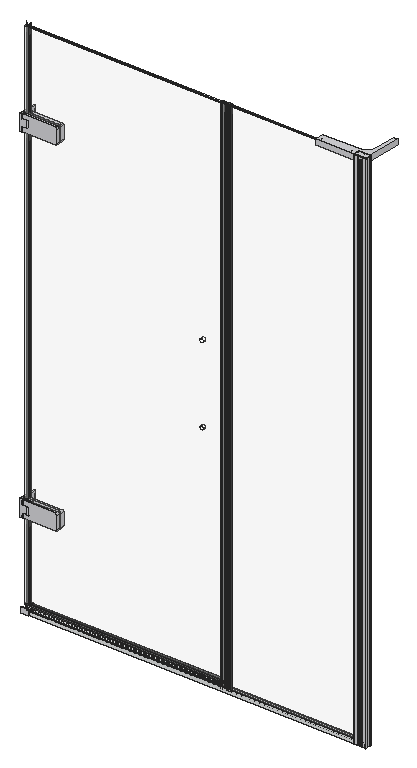
Revit family "Shower-Shower_Door-KOHLER-Composed-K-27715.rfa_", category Specialty Equipment, host Face, Revit 2021
Family settings
  Host = Face
  Round Connector Dimension = Use Diameter
  Part Type = Normal
  OmniClass Number = 23.31.17.17
  OmniClass Title = Shower Enclosures
  Cut with Voids When Loaded = No
  Shared = No
  Room Calculation Point = No
Parameters (values of type "SHP-Bright Polished Silver")
  Width = 46 121/128"  # constant formula
  WaterSense Certified = 1 = 0  # no
  URL = "https://www.us.kohler.com/us/"
  Type = 1
  Secondary Finish = Kohler-Metal-CP-Polished_Chrome
  Product Page URL = "http://www.us.kohler.com/us/catalog/productDetails.jsp?productNumber=27715-10L"
  Product Name = "Composed"  # constant formula
  Product Documentation Link = "https://www.us.kohler.com/webassets/kpna/catalog/pdf/en/K-27715-10L_spec_US-CA_Kohler_en.pdf"
  Model = if(Type = 1, "K-27715-10L-SHP", if(Type = 2, "K-27715-10L-BNK", if(Type = 3, "K-27715-10L-BL", "NA")))  # "K-27715-10L-SHP"
  Material = "Premium Metal Construction"  # constant formula
  Master Format 2014 Name = "Shower Doors"  # constant formula
  Master Format 2014 = "10 28 19.16"  # constant formula
  Manufacturer Address = "444 Highland Dr, Kohler, WI 53044"  # constant formula
  Manufacturer = "Kohler Co."  # constant formula
  Length = 5 123/256"  # constant formula
  Height = 71 189/256"  # constant formula
  Finish = Kohler-Metal-SHP-Bright_Polished_Silver
  Environmental Product Declaration = ""
  Description = "3/8 Inch Pivot Glass And Hardware,No Handle"  # constant formula
  Default Elevation = 4"
  Declare Label = ""
  Date Modified = "06/29/2023"  # constant formula
  Date Created = "06/29/2023"  # constant formula
  Copyright = "Copyright Kohler Co."  # constant formula
  Contact Us = "https://www.us.kohler.com/us/static/contact.jsp"
  Assembly Code = "C1030200"
  ADA Compliant = 1 = 0  # no
Reference planes (in)
  plane 1 "Center (Front/Back)": y = 0
  plane 2: z = 0
  plane 3 "Center (Left/Right)": x = 0
  plane 4: x = -46.94531
  plane 5: y = 1.81244
  plane 6: y = 5.01989
  plane 7: y = -0.46058
  plane 8: z = 71.73828
  plane 9: z = 71.51678
  plane 10: x = -6.7126
  plane 11: x = -19.13045
  plane 12: x = -22.37999
  plane 13: x = -41.8027
  plane 14: z = 59.7661
  plane 15: z = 12.9482
  plane 16: z = 30.96807
  plane 17: z = 41.59155
  plane 18: y = 0.16163
  plane 19: y = -0.21437
  plane 20: x = -19.56102
  plane 21: x = -18.73425
  plane 22: x = -46.37302
  plane 23: x = -0.98425
  plane 24: y = 0.19551
  plane 25: y = -0.18499
Dimensions and locks (in)
  "Width": plane 4 to plane 3 "Center (Left/Right)"
  "Length": plane 7 to plane 6
  "Height": plane 8 to level
  plane 13 to plane 4 = 5.14262"
  plane 17 to plane 16 = 10.62348"
  plane 15 to level = 12.9482"
  plane 14 to plane 16 = 28.79803"
  plane 7 to plane 5 = 2.27302"
  plane 22 to plane 20 = 26.812"
  plane 21 to plane 23 = 17 3/4"
  aligned and locked: plane 2 to host face
  aligned and locked: level to host face
  aligned and locked: plane 3 "Center (Left/Right)" to nested 1
  aligned and locked: plane 1 "Center (Front/Back)" to nested 1
Automatic sketch dimensions
  host sketch curve to host sketch curve = 96"  (x2)
Nested families (in)
  nested 1: "K-27715" at (0, 0, 0), type "K-27715"
Definition of nested family "K-27715"
  Parameters (values of type "K-27715")
    Secondary Finish = none
    Material = none
    Default Elevation = 0"
  Reference planes (in)
    plane 1 "Center (Front/Back)": y = 0
    plane 2: z = 0
    plane 3 "Center (Left/Right)": x = 0
    plane 4: y = 5.02155
    plane 5: y = -0.46058
    plane 6: y = 1.81244
    plane 7: x = -46.94512
    plane 8: z = 71.51678
    plane 9: z = 71.73874
    plane 10: x = -6.7126
    plane 11: x = -41.8025
    plane 12: x = -46.36926
    plane 13: x = -19.13045
    plane 14: z = 41.59155
    plane 15: z = 30.96807
    plane 16: x = -22.37999
    plane 17: z = 59.7661
    plane 18: z = 12.9482
    plane 19: x = -0.98425
  Forms (in)
    Extrusion 1, solid, detail levels medium+fine
      sketch origin (0, 0, 0) x (1, 0, 0) y (0, 1, 0)
        loop
          line (-46.43795, 0.28015) -> (-46.9022, 0.7444)
          arc (-46.9022, 0.7444) -> (-46.93756, 0.7444) -> (-46.93756, 0.70904) r 0.025
          line (-46.93756, 0.70904) -> (-46.43478, 0.20627)
          arc (-46.43478, 0.20627) -> (-46.42608, 0.19324) -> (-46.42302, 0.17788) r 0.04015
          line (-46.42302, 0.17788) -> (-46.42302, -0.25448)
          arc (-46.42302, -0.25448) -> (-46.41655, -0.26836) -> (-46.40175, -0.27233) r 0.01813
          line (-46.40175, -0.27233) -> (-45.9116, -0.1859)
          arc (-45.9116, -0.1859) -> (-45.89132, -0.15694) -> (-45.92028, -0.13666) r 0.025
          line (-45.92028, -0.13666) -> (-46.35095, -0.2126)
          arc (-46.35095, -0.2126) -> (-46.3663, -0.20848) -> (-46.37302, -0.19408) r 0.01881
          line (-46.37302, -0.19408) -> (-46.37302, 0.19293)
          arc (-46.37302, 0.19293) -> (-46.36641, 0.20889) -> (-46.35045, 0.21551) r 0.02258
          line (-46.35045, 0.21551) -> (-46.14538, 0.21551)
          arc (-46.14538, 0.21551) -> (-46.12206, 0.21803) -> (-46.09981, 0.22546) r 0.10928
          arc (-46.09981, 0.22546) -> (-46.06409, 0.23319) -> (-46.02842, 0.22518) r 0.08487
          arc (-46.02842, 0.22518) -> (-46.00724, 0.21795) -> (-45.985, 0.21551) r 0.10235
          line (-45.985, 0.21551) -> (-45.92002, 0.21551)
          arc (-45.92002, 0.21551) -> (-45.89968, 0.19488) -> (-45.87933, 0.21551) r 0.02035
          arc (-45.87933, 0.21551) -> (-45.89442, 0.2509) -> (-45.93002, 0.26551) r 0.0507
          line (-45.93002, 0.26551) -> (-45.98376, 0.26551)
          arc (-45.98376, 0.26551) -> (-46.0033, 0.26885) -> (-46.02061, 0.27851) r 0.05871
          arc (-46.02061, 0.27851) -> (-46.14517, 0.43999) -> (-46.18301, 0.64038) r 0.43754
          arc (-46.18301, 0.64038) -> (-46.2067, 0.6666) -> (-46.23303, 0.64302) r 0.02504
          arc (-46.23303, 0.64302) -> (-46.20597, 0.45593) -> (-46.10796, 0.29427) r 0.47416
          arc (-46.10796, 0.29427) -> (-46.10485, 0.27577) -> (-46.12055, 0.26551) r 0.01714
          line (-46.12055, 0.26551) -> (-46.40261, 0.26551)
          arc (-46.40261, 0.26551) -> (-46.42174, 0.26931) -> (-46.43795, 0.28015) r 0.04998
      from 1.19752 to 71.51678
    Extrusion 2, solid, material <- "Secondary Finish", detail levels medium+fine
      sketch origin (0, 0, 0) x (1, 0, 0) y (0, 1, 0)
        loop
          line (-0.60941, 0.31909) -> (-0.15774, 0.31909)
          arc (-0.15774, 0.31909) -> (-0.12972, 0.30749) -> (-0.11811, 0.27947) r 0.03963
          line (-0.11811, 0.27947) -> (-0.11811, -0.25622)
          arc (-0.11811, -0.25622) -> (-0.12949, -0.2837) -> (-0.15697, -0.29508) r 0.03886
          line (-0.15697, -0.29508) -> (-0.61006, -0.29508)
          arc (-0.61006, -0.29508) -> (-0.6241, -0.28926) -> (-0.62992, -0.27521) r 0.01986
          line (-0.62992, -0.27521) -> (-0.62992, -0.23765)
          arc (-0.62992, -0.23765) -> (-0.65354, -0.21403) -> (-0.67717, -0.23765) r 0.02362
          line (-0.67717, -0.23765) -> (-0.67717, -0.27519)
          arc (-0.67717, -0.27519) -> (-0.68299, -0.28925) -> (-0.69705, -0.29508) r 0.01989
          line (-0.69705, -0.29508) -> (-0.9398, -0.29508)
          arc (-0.9398, -0.29508) -> (-0.95453, -0.28898) -> (-0.96063, -0.27425) r 0.02083
          line (-0.96063, -0.27425) -> (-0.96063, -0.23787)
          arc (-0.96063, -0.23787) -> (-0.98425, -0.21425) -> (-1.00787, -0.23787) r 0.02362
          line (-1.00787, -0.23787) -> (-1.00787, -0.27326)
          arc (-1.00787, -0.27326) -> (-1.01426, -0.28869) -> (-1.02969, -0.29508) r 0.02182
          line (-1.02969, -0.29508) -> (-1.10236, -0.29508)
          arc (-1.10236, -0.29508) -> (-1.16002, -0.2731) -> (-1.18842, -0.21831) r 0.08661
          line (-1.18842, -0.21831) -> (-1.4252, -0.21831) -> (-1.4252, -0.25768) -> (-1.48819, -0.25768) -> (-1.48819, -0.21831) -> (-1.55178, -0.21831)
          arc (-1.55178, -0.21831) -> (-1.56806, -0.22505) -> (-1.5748, -0.24133) r 0.02302
          line (-1.5748, -0.24133) -> (-1.5748, -0.36445)
          arc (-1.5748, -0.36445) -> (-1.56892, -0.37865) -> (-1.55473, -0.38453) r 0.02007
          line (-1.55473, -0.38453) -> (-0.02048, -0.38453)
          arc (-0.02048, -0.38453) -> (-0.006, -0.37853) -> (0, -0.36405) r 0.02048
          line (0, -0.36405) -> (0, -0.29311) -> (-0.03937, -0.29311) -> (-0.03937, 0.31713) -> (0, 0.31713) -> (0, 0.38668)
          arc (0, 0.38668) -> (-0.00601, 0.4012) -> (-0.02053, 0.40721) r 0.02053
          line (-0.02053, 0.40721) -> (-1.55126, 0.40721)
          arc (-1.55126, 0.40721) -> (-1.56791, 0.40032) -> (-1.5748, 0.38367) r 0.02354
          line (-1.5748, 0.38367) -> (-1.5748, 0.26206)
          arc (-1.5748, 0.26206) -> (-1.56902, 0.2481) -> (-1.55507, 0.24232) r 0.01973
          line (-1.55507, 0.24232) -> (-1.48819, 0.24232) -> (-1.48819, 0.28169) -> (-1.4252, 0.28169) -> (-1.4252, 0.24232) -> (-1.18842, 0.24232)
          arc (-1.18842, 0.24232) -> (-1.16002, 0.29711) -> (-1.10236, 0.31909) r 0.08661
          line (-1.10236, 0.31909) -> (-1.02856, 0.31909)
          arc (-1.02856, 0.31909) -> (-1.01393, 0.31304) -> (-1.00787, 0.29841) r 0.02068
          line (-1.00787, 0.29841) -> (-1.00787, 0.26191)
          arc (-1.00787, 0.26191) -> (-0.98425, 0.23829) -> (-0.96063, 0.26191) r 0.02362
          line (-0.96063, 0.26191) -> (-0.96063, 0.29953)
          arc (-0.96063, 0.29953) -> (-0.9549, 0.31336) -> (-0.94106, 0.31909) r 0.01956
          line (-0.94106, 0.31909) -> (-0.69789, 0.31909)
          arc (-0.69789, 0.31909) -> (-0.68323, 0.31303) -> (-0.67717, 0.29837) r 0.02072
          line (-0.67717, 0.29837) -> (-0.67717, 0.2611)
          arc (-0.67717, 0.2611) -> (-0.65354, 0.23748) -> (-0.62992, 0.2611) r 0.02362
          line (-0.62992, 0.2611) -> (-0.62992, 0.29858)
          arc (-0.62992, 0.29858) -> (-0.62391, 0.31309) -> (-0.60941, 0.31909) r 0.02051
      from 0 to 71.66
    Extrusion 3, solid, detail levels medium+fine
      sketch origin (0, 0, 0) x (1, 0, 0) y (0, 1, 0)
        loop
          line (-19.04668, -0.11098) -> (-19.3756, 0.21794)
          arc (-19.3756, 0.21794) -> (-19.43305, 0.25567) -> (-19.50076, 0.26746) r 0.16934
          arc (-19.50076, 0.26746) -> (-19.61929, 0.2601) -> (-19.73716, 0.24567) r 1.98367
          arc (-19.73716, 0.24567) -> (-19.75604, 0.24154) -> (-19.77424, 0.23505) r 0.15218
          arc (-19.77424, 0.23505) -> (-19.79401, 0.21601) -> (-19.79628, 0.18864) r 0.0389
          line (-19.79628, 0.18864) -> (-19.71734, 0.19634) -> (-19.71734, 0.23198) -> (-19.59282, 0.24411)
          arc (-19.59282, 0.24411) -> (-19.57053, 0.23673) -> (-19.56102, 0.21527) r 0.02898
          line (-19.56102, 0.21527) -> (-19.56102, -0.18081)
          arc (-19.56102, -0.18081) -> (-19.56797, -0.19759) -> (-19.58476, -0.20454) r 0.02373
          line (-19.58476, -0.20454) -> (-19.71734, -0.20454) -> (-19.71734, -0.17232) -> (-19.79628, -0.16463)
          arc (-19.79628, -0.16463) -> (-19.7777, -0.20269) -> (-19.74, -0.22197) r 0.06691
          arc (-19.74, -0.22197) -> (-19.41234, -0.24737) -> (-19.08448, -0.22457) r 2.24095
          arc (-19.08448, -0.22457) -> (-19.0305, -0.17945) -> (-19.04668, -0.11098) r 0.06694
        loop
          line (-19.39092, 0.0718) -> (-19.14594, -0.17318) -> (-19.07356, -0.1008) -> (-19.31854, 0.14418) -> (-19.39092, 0.0718)
        loop
          arc (-19.13271, -0.17584) -> (-19.14675, -0.18165) -> (-19.16079, -0.17584) r 0.01986
          line (-19.16079, -0.17584) -> (-19.39432, 0.05769)
          arc (-19.39432, 0.05769) -> (-19.40017, 0.07181) -> (-19.39432, 0.08592) r 0.01996
          line (-19.39432, 0.08592) -> (-19.35654, 0.1237)
          arc (-19.35654, 0.1237) -> (-19.35095, 0.13789) -> (-19.35751, 0.15165) r 0.01912
          line (-19.35751, 0.15165) -> (-19.43824, 0.22182)
          arc (-19.43824, 0.22182) -> (-19.49217, 0.22964) -> (-19.52165, 0.18381) r 0.05037
          line (-19.52165, 0.18381) -> (-19.52165, -0.19108)
          arc (-19.52165, -0.19108) -> (-19.51602, -0.20539) -> (-19.50213, -0.21201) r 0.02097
          arc (-19.50213, -0.21201) -> (-19.35266, -0.21707) -> (-19.20321, -0.21157) r 2.11662
          arc (-19.20321, -0.21157) -> (-19.14863, -0.20691) -> (-19.09419, -0.20085) r 2.11662
          arc (-19.09419, -0.20085) -> (-19.05966, -0.17662) -> (-19.06034, -0.13444) r 0.04501
          arc (-19.06034, -0.13444) -> (-19.07294, -0.12575) -> (-19.08747, -0.1306) r 0.01714
          line (-19.08747, -0.1306) -> (-19.13271, -0.17584)
        loop
          line (-19.24548, 0.14271) -> (-18.92234, -0.1919)
          arc (-18.92234, -0.1919) -> (-18.86556, -0.23062) -> (-18.79806, -0.24359) r 0.16934
          arc (-18.79806, -0.24359) -> (-18.67943, -0.2383) -> (-18.56132, -0.22593) r 1.98367
          arc (-18.56132, -0.22593) -> (-18.54238, -0.22213) -> (-18.52407, -0.21597) r 0.15218
          arc (-18.52407, -0.21597) -> (-18.50396, -0.19727) -> (-18.50122, -0.16995) r 0.0389
          line (-18.50122, -0.16995) -> (-18.58028, -0.17626) -> (-18.5809, -0.2119) -> (-18.70562, -0.22186)
          arc (-18.70562, -0.22186) -> (-18.72777, -0.21409) -> (-18.7369, -0.19246) r 0.02898
          line (-18.7369, -0.19246) -> (-18.72999, 0.20355)
          arc (-18.72999, 0.20355) -> (-18.72275, 0.22021) -> (-18.70585, 0.22687) r 0.02373
          line (-18.70585, 0.22687) -> (-18.57328, 0.22455) -> (-18.57385, 0.19234) -> (-18.49505, 0.18327)
          arc (-18.49505, 0.18327) -> (-18.51296, 0.22165) -> (-18.55032, 0.24158) r 0.06691
          arc (-18.55032, 0.24158) -> (-18.87749, 0.2727) -> (-19.20569, 0.25563) r 2.24095
          arc (-19.20569, 0.25563) -> (-19.26046, 0.21146) -> (-19.24548, 0.14271) r 0.06694
        loop
          line (-18.90447, -0.04605) -> (-19.14514, 0.20317) -> (-19.21878, 0.13206) -> (-18.97811, -0.11716) -> (-18.90447, -0.04605)
        loop
          arc (-19.15833, 0.20606) -> (-19.14419, 0.21163) -> (-19.13025, 0.20557) r 0.01986
          line (-19.13025, 0.20557) -> (-18.90083, -0.032)
          arc (-18.90083, -0.032) -> (-18.89523, -0.04621) -> (-18.90132, -0.06022) r 0.01996
          line (-18.90132, -0.06022) -> (-18.93976, -0.09734)
          arc (-18.93976, -0.09734) -> (-18.94559, -0.11143) -> (-18.93927, -0.1253) r 0.01912
          line (-18.93927, -0.1253) -> (-18.85978, -0.19687)
          arc (-18.85978, -0.19687) -> (-18.80599, -0.20563) -> (-18.77572, -0.16032) r 0.05037
          line (-18.77572, -0.16032) -> (-18.76918, 0.21452)
          arc (-18.76918, 0.21452) -> (-18.77456, 0.22892) -> (-18.78833, 0.23578) r 0.02097
          arc (-18.78833, 0.23578) -> (-18.93768, 0.24345) -> (-19.08721, 0.24055) r 2.11662
          arc (-19.08721, 0.24055) -> (-19.14186, 0.23685) -> (-19.1964, 0.23174) r 2.11662
          arc (-19.1964, 0.23174) -> (-19.23135, 0.20812) -> (-19.23141, 0.16594) r 0.04501
          arc (-19.23141, 0.16594) -> (-19.21896, 0.15702) -> (-19.20435, 0.16162) r 0.01714
          line (-19.20435, 0.16162) -> (-19.15833, 0.20606)
      from 0.20717 to 71.49717
    Extrusion 4, solid, detail levels medium+fine
      sketch origin (0, 0, 0) x (0, 1, 0) y (0, 0, 1)
        loop
          line (0.19551, 71.43717) -> (0.13551, 71.49717) -> (-0.12499, 71.49717) -> (-0.18499, 71.43717) -> (-0.18499, 1.11717) -> (-0.12499, 1.05717) -> (0.13551, 1.05717) -> (0.19551, 1.11717) -> (0.19551, 71.43717)
      from -46.37302 to -19.56102
    Extrusion 5, solid, detail levels medium+fine
      sketch origin (0, -0.03383, 0) x (0, 1, 0) y (0, 0, 1)
        loop
          line (0.19546, 0.23917) -> (0.19546, 71.43517) -> (0.13346, 71.49717) -> (-0.11854, 71.49717) -> (-0.18054, 71.43517) -> (-0.18054, 0.23917) -> (-0.11854, 0.17717) -> (0.13346, 0.17717) -> (0.19546, 0.23917)
      from -0.98425 to -18.73425
    Extrusion 6, void
      sketch origin (0, 0, 0) x (1, 0, 0) y (0, 0, 1)
        loop
          line (-45.74497, 60.84878) -> (-47.49026, 60.84878) -> (-47.49026, 58.63488) -> (-45.74497, 58.63488) -> (-45.74497, 60.84878)
        loop
          line (-45.74497, 14.03088) -> (-47.49026, 14.03088) -> (-47.49026, 11.70555) -> (-45.74497, 11.70555) -> (-45.74497, 14.03088)
      from -3.97543 to 2.31492
    Extrusion 7, solid, material <- "Secondary Finish", detail levels medium+fine
      sketch origin (0, 0, 0) x (1, 0, 0) y (0, 1, 0)
        loop
          line (-46.86515, -0.46058) -> (-45.99901, -0.46058)
          arc (-45.99901, -0.46058) -> (-45.83536, -0.41458) -> (-45.71966, -0.29003) r 0.31405
          arc (-45.71966, -0.29003) -> (-45.67258, -0.09641) -> (-45.71866, 0.09744) r 0.42614
          arc (-45.71866, 0.09744) -> (-45.98497, 0.31537) -> (-46.32545, 0.26551) r 0.42614
          arc (-46.32545, 0.26551) -> (-46.39696, 0.20597) -> (-46.45027, 0.1297) r 0.35018
          arc (-46.45027, 0.1297) -> (-46.58011, 0.07049) -> (-46.6683, 0.18268) r 0.11545
          line (-46.6683, 0.18268) -> (-46.6683, 0.41146)
          arc (-46.6683, 0.41146) -> (-46.60957, 0.55702) -> (-46.58956, 0.71271) r 0.61561
          line (-46.58956, 0.71271) -> (-46.58956, 1.7725)
          arc (-46.58956, 1.7725) -> (-46.60041, 1.79903) -> (-46.62675, 1.81035) r 0.03785
          line (-46.62675, 1.81035) -> (-46.86515, 1.81451) -> (-46.86515, -0.46058)
      from 58.68342 to 60.84878
    Extrusion 8, void
      sketch origin (0, 0, 0) x (1, 0, 0) y (0, 0, 1)
        loop
          line (-45.5287, 59.29366) -> (-46.5074, 59.29366)
          arc (-46.5074, 59.29366) -> (-46.53766, 59.28113) -> (-46.55019, 59.25087) r 0.04279
          line (-46.55019, 59.25087) -> (-46.55019, 58.68342) -> (-45.5287, 58.68342) -> (-45.5287, 59.29366)
      from -2.05913 to 1.0462
    Extrusion 9, solid, material <- "Secondary Finish", detail levels medium+fine
      sketch origin (0, 0, 0) x (1, 0, 0) y (0, 0, 1)
        loop
          arc (-41.99643, 58.68342) -> (-41.85724, 58.74108) -> (-41.79958, 58.88027) r 0.19685
          line (-41.79958, 58.88027) -> (-41.79958, 60.65193)
          arc (-41.79958, 60.65193) -> (-41.85724, 60.79112) -> (-41.99643, 60.84878) r 0.19685
          line (-41.99643, 60.84878) -> (-46.47365, 60.84878)
          arc (-46.47365, 60.84878) -> (-46.49993, 60.83789) -> (-46.51082, 60.81161) r 0.03717
          line (-46.51082, 60.81161) -> (-46.51082, 59.91401) -> (-46.51082, 58.68342) -> (-41.99643, 58.68342)
      from -0.56441 to 0.46058
    Extrusion 10, void
      sketch origin (0, 0, 0) x (1, 0, 0) y (0, 0, 1)
        loop
          line (-45.5287, 60.23854) -> (-45.5287, 60.84878) -> (-46.55019, 60.84878) -> (-46.55019, 60.27596)
          arc (-46.55019, 60.27596) -> (-46.53923, 60.2495) -> (-46.51277, 60.23854) r 0.03742
          line (-46.51277, 60.23854) -> (-45.5287, 60.23854)
      from -2.05913 to 1.0462
    Extrusion 11, void
      sketch origin (0, 0, 0) x (1, 0, 0) y (0, 1, 0)
        loop
          line (-46.78641, 0.14965) -> (-46.78641, -0.10625)
          arc (-46.78641, -0.10625) -> (-46.74153, -0.2683) -> (-46.61967, -0.38416) r 0.31496
          line (-46.61967, -0.38416) -> (-46.56887, -0.41125)
          arc (-46.56887, -0.41125) -> (-46.54116, -0.43625) -> (-46.52841, -0.47133) r 0.07722
          line (-46.52841, -0.47133) -> (-46.48797, -0.47133) -> (-46.48797, 0.39552) -> (-46.6683, 0.39552)
          arc (-46.6683, 0.39552) -> (-46.75535, 0.28604) -> (-46.78641, 0.14965) r 0.31496
      from 60.26831 to 61.10573
    Extrusion 12, void
      sketch origin (0, 0, 0) x (1, 0, 0) y (0, 1, 0)
        loop
          line (-46.78641, 0.14965) -> (-46.78641, -0.10625)
          arc (-46.78641, -0.10625) -> (-46.74153, -0.2683) -> (-46.61967, -0.38416) r 0.31496
          line (-46.61967, -0.38416) -> (-46.56887, -0.41125)
          arc (-46.56887, -0.41125) -> (-46.54116, -0.43625) -> (-46.52841, -0.47133) r 0.07722
          line (-46.52841, -0.47133) -> (-46.48797, -0.47133) -> (-46.48797, 0.21551) -> (-46.77945, 0.21551)
          arc (-46.77945, 0.21551) -> (-46.78466, 0.18276) -> (-46.78641, 0.14965) r 0.31496
      from 59.26413 to 58.47941
    Extrusion 13, void
      sketch origin (0, 0, 0) x (1, 0, 0) y (0, 0, 1)
        loop
          line (-46.51082, 59.26413) -> (-45.62499, 59.26413) -> (-45.62499, 60.24359)
          arc (-45.62499, 60.24359) -> (-45.63223, 60.26107) -> (-45.64971, 60.26831) r 0.02472
          line (-45.64971, 60.26831) -> (-46.51082, 60.26831) -> (-46.51082, 59.26413)
      from -0.22835 to 0.98226
    Extrusion 14, solid, material <- "Secondary Finish", detail levels medium+fine
      sketch origin (0, 0, 0) x (1, 0, 0) y (0, 1, 0)
        loop
          arc (-1.61445, -0.42892) -> (-1.60034, -0.42307) -> (-1.59449, -0.40896) r 0.01997
          line (-1.59449, -0.40896) -> (-1.59449, 0.43722) -> (-0.07864, 0.43722)
          arc (-0.07864, 0.43722) -> (-0.02303, 0.46025) -> (0, 0.51586) r 0.07864
          line (0, 0.51586) -> (0, 5.02155) -> (-0.4566, 5.02155)
          arc (-0.4566, 5.02155) -> (-0.47058, 5.01576) -> (-0.47638, 5.00177) r 0.01978
          line (-0.47638, 5.00177) -> (-0.47638, 2.27807)
          arc (-0.47638, 2.27807) -> (-0.91638, 1.21581) -> (-1.97865, 0.7758) r 1.50227
          line (-1.97865, 0.7758) -> (-6.69281, 0.7758)
          arc (-6.69281, 0.7758) -> (-6.7068, 0.77001) -> (-6.7126, 0.75601) r 0.01979
          line (-6.7126, 0.75601) -> (-6.7126, -0.409)
          arc (-6.7126, -0.409) -> (-6.70676, -0.42309) -> (-6.69267, -0.42892) r 0.01993
          line (-6.69267, -0.42892) -> (-1.61445, -0.42892)
      from 70.9789 to 71.73874
    Extrusion 15, void
      sketch origin (0, 0, 72.55433) x (1, 0, 0) y (0, 0, 1)
        loop
          line (-45.5287, -59.28645) -> (-45.5287, -58.68342) -> (-46.55019, -58.68342) -> (-46.55019, -59.24366)
          arc (-46.55019, -59.24366) -> (-46.53766, -59.27392) -> (-46.5074, -59.28645) r 0.04279
          line (-46.5074, -59.28645) -> (-45.5287, -59.28645)
      from -2.05913 to 1.0462
    Extrusion 16, solid, material <- "Secondary Finish", detail levels medium+fine
      sketch origin (0, 0, 72.55433) x (1, 0, 0) y (0, 0, 1)
        loop
          line (-41.99643, -58.68342) -> (-46.48797, -58.68342) -> (-46.48797, -59.91401) -> (-46.48797, -60.81161)
          arc (-46.48797, -60.81161) -> (-46.47709, -60.83789) -> (-46.4508, -60.84878) r 0.03717
          line (-46.4508, -60.84878) -> (-41.99643, -60.84878)
          arc (-41.99643, -60.84878) -> (-41.85724, -60.79112) -> (-41.79958, -60.65193) r 0.19685
          line (-41.79958, -60.65193) -> (-41.79958, -58.88027)
          arc (-41.79958, -58.88027) -> (-41.85724, -58.74108) -> (-41.99643, -58.68342) r 0.19685
      from -0.56441 to 0.46058
    Extrusion 17, void
      sketch origin (0, 0, 72.55433) x (1, 0, 0) y (0, 0, 1)
        loop
          line (-45.5287, -60.23854) -> (-46.51277, -60.23854)
          arc (-46.51277, -60.23854) -> (-46.53923, -60.2495) -> (-46.55019, -60.27596) r 0.03742
          line (-46.55019, -60.27596) -> (-46.55019, -60.84878) -> (-45.5287, -60.84878) -> (-45.5287, -60.23854)
      from -2.05913 to 1.0462
    Extrusion 18, void
      sketch origin (0, 0, 72.55433) x (1, 0, 0) y (0, 0, 1)
        loop
          line (-46.51082, -59.26413) -> (-46.51082, -60.23854) -> (-45.64971, -60.23854)
          arc (-45.64971, -60.23854) -> (-45.63223, -60.2313) -> (-45.62499, -60.21382) r 0.02472
          line (-45.62499, -60.21382) -> (-45.62499, -59.26413) -> (-46.51082, -59.26413)
      from -0.22835 to 0.98226
    Extrusion 19, solid, material <- "Secondary Finish", detail levels medium+fine
      sketch origin (0, 0, 0) x (1, 0, 0) y (0, 1, 0)
        loop
          line (-46.86515, -0.46058) -> (-45.99901, -0.46058)
          arc (-45.99901, -0.46058) -> (-45.83536, -0.41458) -> (-45.71966, -0.29003) r 0.31405
          arc (-45.71966, -0.29003) -> (-45.67258, -0.09641) -> (-45.71866, 0.09744) r 0.42614
          arc (-45.71866, 0.09744) -> (-45.98497, 0.31537) -> (-46.32545, 0.26551) r 0.42614
          arc (-46.32545, 0.26551) -> (-46.39696, 0.20597) -> (-46.45027, 0.1297) r 0.35018
          arc (-46.45027, 0.1297) -> (-46.58011, 0.07049) -> (-46.6683, 0.18268) r 0.11545
          line (-46.6683, 0.18268) -> (-46.6683, 0.41146)
          arc (-46.6683, 0.41146) -> (-46.60957, 0.55702) -> (-46.58956, 0.71271) r 0.61561
          line (-46.58956, 0.71271) -> (-46.58956, 1.7725)
          arc (-46.58956, 1.7725) -> (-46.60041, 1.79903) -> (-46.62675, 1.81035) r 0.03785
          line (-46.62675, 1.81035) -> (-46.86515, 1.81451) -> (-46.86515, -0.46058)
      from 11.70555 to 14.03088
    Extrusion 20, void
      sketch origin (0, 0, 0) x (1, 0, 0) y (0, 1, 0)
        loop
          line (-46.78641, 0.14965) -> (-46.78641, -0.10625)
          arc (-46.78641, -0.10625) -> (-46.74153, -0.2683) -> (-46.61967, -0.38416) r 0.31496
          line (-46.61967, -0.38416) -> (-46.56887, -0.41125)
          arc (-46.56887, -0.41125) -> (-46.54116, -0.43625) -> (-46.52841, -0.47133) r 0.07722
          line (-46.52841, -0.47133) -> (-46.48797, -0.47133) -> (-46.48797, 0.39552) -> (-46.6683, 0.39552)
          arc (-46.6683, 0.39552) -> (-46.75535, 0.28604) -> (-46.78641, 0.14965) r 0.31496
      from 11.70555 to 12.31579
    Extrusion 21, void
      sketch origin (0, 0, 0) x (1, 0, 0) y (0, 1, 0)
        loop
          line (-46.78641, 0.14965) -> (-46.78641, -0.10625)
          arc (-46.78641, -0.10625) -> (-46.74153, -0.2683) -> (-46.61967, -0.38416) r 0.31496
          line (-46.61967, -0.38416) -> (-46.56887, -0.41125)
          arc (-46.56887, -0.41125) -> (-46.54116, -0.43625) -> (-46.52841, -0.47133) r 0.07722
          line (-46.52841, -0.47133) -> (-46.48797, -0.47133) -> (-46.48797, 0.39552) -> (-46.6683, 0.39552)
          arc (-46.6683, 0.39552) -> (-46.75535, 0.28604) -> (-46.78641, 0.14965) r 0.31496
      from 14.03088 to 13.2902
    Extrusion 22, void
      sketch origin (0, 0, 0) x (1, 0, 0) y (0, 0, 1)
        loop
          line (-46.53031, 13.25029) -> (-45.15236, 13.25029) -> (-45.15236, 14.27445) -> (-46.53031, 14.27445) -> (-46.53031, 13.25029)
        loop
          line (-46.53031, 12.34101) -> (-46.53031, 11.47581) -> (-45.21715, 11.47581) -> (-45.21715, 12.34101) -> (-46.53031, 12.34101)
      from -1.11492 to 1.82937
    Extrusion 23, void
      sketch origin (0, 0, 0) x (0, 1, 0) y (0, 0, 1)
        loop
          line (0.201, 71.50252) -> (0.16163, 71.54189) -> (-0.23207, 71.54189) -> (-0.27144, 71.50252) -> (-0.27144, 70.79089) -> (0.201, 70.79089) -> (0.201, 71.50252)
      from -0.96063 to -7.0652
    Extrusion 24, solid, material <- "Material", detail levels medium+fine
      sketch origin (0, 0, 0) x (0, 1, 0) y (0, 0, 1)
        loop
          line (-0.26575, 0.07874) -> (0.26969, 0.07874) -> (0.26969, 0) -> (0.31693, 0) -> (0.31693, 0.58221)
          arc (0.31693, 0.58221) -> (0.31103, 0.59646) -> (0.29677, 0.60236) r 0.02016
          line (0.29677, 0.60236) -> (0.22852, 0.60236) -> (0.22852, 0.5587) -> (0.27362, 0.5587) -> (0.27362, 0.1378) -> (-0.26969, 0.1378) -> (-0.26969, 0.5587) -> (-0.22448, 0.5587) -> (-0.22448, 0.60236) -> (-0.29303, 0.60236)
          arc (-0.29303, 0.60236) -> (-0.30714, 0.59651) -> (-0.31299, 0.5824) r 0.01997
          line (-0.31299, 0.5824) -> (-0.31299, 0) -> (-0.26575, 0) -> (-0.26575, 0.07874)
      from -0.1968 to -45.95525
    Extrusion 25, solid, material <- "Secondary Finish", detail levels medium+fine
      sketch origin (0, 0, 0) x (0, 1, 0) y (0, 0, 1)
        loop
          line (-0.39567, 0) -> (0.39567, 0) -> (0.39567, 0.6644)
          arc (0.39567, 0.6644) -> (0.39031, 0.67847) -> (0.37695, 0.6854) r 0.02114
          line (0.37695, 0.6854) -> (-0.21473, 0.75365)
          arc (-0.21473, 0.75365) -> (-0.23428, 0.75534) -> (-0.2539, 0.75591) r 0.34184
          line (-0.2539, 0.75591) -> (-0.37584, 0.75591)
          arc (-0.37584, 0.75591) -> (-0.38986, 0.7501) -> (-0.39567, 0.73608) r 0.01983
          line (-0.39567, 0.73608) -> (-0.39567, 0)
      from -45.76279 to -46.86515
    Extrusion 26, void
      sketch origin (0, 0, 0) x (0, 1, 0) y (0, 0, 1)
        loop
          line (-0.33661, 0.13047) -> (0.54155, 0.03042) -> (0.54155, 0.96733) -> (-0.33661, 0.96733) -> (-0.33661, 0.13047)
      from -50.39765 to -46.28247
    Extrusion 27, solid, detail levels medium+fine
      sketch origin (0, 0, 0) x (0, 1, 0) y (0, 0, 1)
        loop
          line (0.68043, 0.89588) -> (0.24151, 1.05624) -> (0.22049, 1.36564)
          arc (0.22049, 1.36564) -> (0.20574, 1.37861) -> (0.19265, 1.36396) r 0.01394
          line (0.19265, 1.36396) -> (0.20784, 1.0775)
          arc (0.20784, 1.0775) -> (0.20257, 1.06319) -> (0.18855, 1.05717) r 0.01931
          line (0.18855, 1.05717) -> (-0.19321, 1.05717)
          arc (-0.19321, 1.05717) -> (-0.20704, 1.06311) -> (-0.21225, 1.07724) r 0.01907
          line (-0.21225, 1.07724) -> (-0.19705, 1.36407)
          arc (-0.19705, 1.36407) -> (-0.21013, 1.37872) -> (-0.22488, 1.36575) r 0.01394
          line (-0.22488, 1.36575) -> (-0.24679, 1.04323)
          arc (-0.24679, 1.04323) -> (-0.24141, 1.02812) -> (-0.2267, 1.02173) r 0.02013
          line (-0.2267, 1.02173) -> (-0.02188, 1.02173) -> (-0.01222, 0.75714)
          arc (-0.01222, 0.75714) -> (-0.0022, 0.74747) -> (0.00783, 0.75714) r 0.01003
          line (0.00783, 0.75714) -> (0.01749, 1.02173) -> (0.21261, 1.02173) -> (0.66995, 0.86619)
          arc (0.66995, 0.86619) -> (0.68987, 0.87585) -> (0.68043, 0.89588) r 0.01574
      from -46.40545 to -19.35037
    Extrusion 28, void
      sketch origin (0, 0, 0) x (1, 0, 0) y (0, 0, 1)
        loop
          line (-45.73616, 1.05717) -> (-45.73616, 1.49624) -> (-46.65308, 1.49624) -> (-46.65308, 1.05717) -> (-45.73616, 1.05717)
      from -0.95308 to 0.64622
    Extrusion 29, void
      sketch origin (0, 0, 0) x (1, 0, 0) y (0, 1, 0)
        loop
          line (-46.18085, 0.24145) -> (-46.18085, 0.82584) -> (-46.47924, 0.82584) -> (-46.47924, -0.00893) -> (-46.18085, 0.24145)
      from 0.8465 to 1.15468
    Extrusion 30, void
      sketch origin (0, 0, 0) x (1, 0, 0) y (0, 0, 1)
        loop
          circle (-22.37999, 41.59155) r 0.2592
        loop
          circle (-22.37761, 30.96807) r 0.24806
      from -1.81451 to 1.42011
    Extrusion 31, solid, material <- "Material", detail levels medium+fine
      sketch origin (0, 0, 0) x (0, 1, 0) y (0, 0, 1)
        loop
          line (0.31693, 0.64245) -> (-0.29212, 0.70647)
          arc (-0.29212, 0.70647) -> (-0.30674, 0.70172) -> (-0.31299, 0.68768) r 0.01889
          line (-0.31299, 0.68768) -> (-0.31299, 0.62243)
          arc (-0.31299, 0.62243) -> (-0.30711, 0.60824) -> (-0.29293, 0.60236) r 0.02007
          line (-0.29293, 0.60236) -> (-0.25913, 0.60236) -> (-0.25913, 0.6555) -> (-0.21457, 0.65081) -> (-0.21457, 0.55041) -> (-0.24987, 0.55041) -> (-0.19963, 0.49053)
          arc (-0.19963, 0.49053) -> (-0.1843, 0.48643) -> (-0.1752, 0.49943) r 0.01383
          line (-0.1752, 0.49943) -> (-0.1752, 0.62589)
          arc (-0.1752, 0.62589) -> (-0.16901, 0.6398) -> (-0.15453, 0.6445) r 0.01871
          line (-0.15453, 0.6445) -> (0.15989, 0.61145)
          arc (0.15989, 0.61145) -> (0.17361, 0.60446) -> (0.17913, 0.59009) r 0.02149
          line (0.17913, 0.59009) -> (0.17913, 0.49835)
          arc (0.17913, 0.49835) -> (0.18798, 0.48572) -> (0.20287, 0.48971) r 0.01344
          line (0.20287, 0.48971) -> (0.25381, 0.55041) -> (0.2185, 0.55041) -> (0.2185, 0.58391)
          arc (0.2185, 0.58391) -> (0.22488, 0.59822) -> (0.23977, 0.60306) r 0.01926
          line (0.23977, 0.60306) -> (0.31693, 0.59495) -> (0.31693, 0.64245)
      from -18.73425 to -45.95525
    Extrusion 32, solid, material <- "Secondary Finish", detail levels medium+fine
      sketch origin (0, 0, 0) x (1, 0, 0) y (0, 1, 0)
        loop
          line (-1.5748, 0.38643) -> (-1.5748, -0.36446)
          arc (-1.5748, -0.36446) -> (-1.56893, -0.37865) -> (-1.55474, -0.38453) r 0.02006
          line (-1.55474, -0.38453) -> (-0.02086, -0.38453)
          arc (-0.02086, -0.38453) -> (-0.00611, -0.37842) -> (0, -0.36366) r 0.02086
          line (0, -0.36366) -> (0, 0.38694)
          arc (0, 0.38694) -> (-0.00594, 0.40127) -> (-0.02028, 0.40721) r 0.02028
          line (-0.02028, 0.40721) -> (-1.55402, 0.40721)
          arc (-1.55402, 0.40721) -> (-1.56872, 0.40113) -> (-1.5748, 0.38643) r 0.02078
      from 71.66 to 71.73874
    Extrusion 33, void
      sketch origin (0, 0, 0) x (1, 0, 0) y (0, 1, 0)
        loop
          line (-41.78641, -0.18499) -> (-41.78641, 0.19551) -> (-46.37302, 0.19551) -> (-46.37302, -0.18499) -> (-41.78641, -0.18499)
      from 61.17033 to 58.07117
    Extrusion 34, void
      sketch origin (0, 0, 0) x (1, 0, 0) y (0, 1, 0)
        loop
          line (-41.78641, -0.18499) -> (-41.78641, 0.19551) -> (-46.37302, 0.19551) -> (-46.37302, -0.18499) -> (-41.78641, -0.18499)
      from 10.13386 to 15.23314
    Extrusion 35, solid, material <- "Secondary Finish", detail levels coarse
      sketch origin (0, 0, 0) x (1, 0, 0) y (0, 1, 0)
        loop
          line (0, 5.02155) -> (-0.47638, 5.02155) -> (-0.47638, 0.7758) -> (-6.7126, 0.7758) -> (-6.7126, -0.42892) -> (0, -0.42892) -> (0, 5.02155)
      from 70.9789 to 71.73874
    Extrusion 36, solid, detail levels coarse
      sketch origin (0, 0, 0) x (1, 0, 0) y (0, 1, 0)
        loop
          line (-19.79622, 0.26962) -> (-19.79622, 0.18864) -> (-19.56102, 0.18864) -> (-19.56102, -0.17414) -> (-19.79622, -0.17414) -> (-19.79622, -0.2442) -> (-18.49899, -0.2442) -> (-18.49899, -0.17414) -> (-18.73425, -0.17414) -> (-18.73425, 0.18864) -> (-18.49899, 0.18864) -> (-18.49899, 0.26962) -> (-19.79622, 0.26962)
      from 0 to 71.49717
    Extrusion 37, solid, detail levels coarse
      sketch origin (0, 0, 0) x (1, 0, 0) y (0, 1, 0)
        loop
          line (-46.93755, 0.70903) -> (-46.42745, 0.19893) -> (-46.42745, -0.27647) -> (-45.88002, -0.27647) -> (-45.88002, -0.18143) -> (-46.36926, -0.18143) -> (-46.36926, 0.19951) -> (-45.88002, 0.19951) -> (-45.88002, 0.27055) -> (-45.99959, 0.27055) -> (-46.19407, 0.6693) -> (-46.2572, 0.6693) -> (-46.06272, 0.27055) -> (-46.42745, 0.27055) -> (-46.90174, 0.74484) -> (-46.93755, 0.70903)
      from 1.19752 to 71.51678
    Extrusion 38, solid, material <- "Material", detail levels coarse
      sketch origin (0, 0, 0) x (1, 0, 0) y (0, 1, 0)
        loop
          line (-1.55811, 0.40671) -> (-1.55811, 0.30901) -> (-0.13058, 0.30901) -> (-0.13058, -0.31299) -> (-1.55811, -0.31299) -> (-1.55811, -0.38399) -> (0, -0.38399) -> (0, 0.40671) -> (-1.55811, 0.40671)
      from 0 to 70.9789
    Extrusion 39, solid, detail levels coarse
      sketch origin (0, 0, 0) x (1, 0, 0) y (0, 1, 0)
        loop
          line (-19.56102, -0.17414) -> (-19.56102, 0.18864) -> (-46.36926, 0.18864) -> (-46.36926, -0.17414) -> (-19.56102, -0.17414)
        loop
          line (-18.73425, 0.18864) -> (-18.73425, -0.17414) -> (-0.13058, -0.17414) -> (-0.13058, 0.18864) -> (-18.73425, 0.18864)
      from 0 to 71.49717
    Extrusion 40, solid, material <- "Material", detail levels coarse
      sketch origin (0, 0, 0) x (0, 1, 0) y (0, 0, 1)
        loop
          line (-0.38399, 0) -> (0.41749, 0) -> (0.41749, 0.76139) -> (-0.38399, 0.76139) -> (-0.38399, 0)
      from -1.55811 to -46.86515
    Extrusion 41, solid, detail levels coarse
      sketch origin (0, 0, 0) x (0, 1, 0) y (0, 0, 1)
        loop
          line (0.21261, 1.02173) -> (0.66942, 0.86637) -> (0.68023, 0.89595) -> (0.23897, 1.05717) -> (0.23897, 1.30264) -> (0.19893, 1.30264) -> (0.19893, 1.05717) -> (-0.20526, 1.05717) -> (-0.20526, 1.30264) -> (-0.24584, 1.30264) -> (-0.24584, 1.02173) -> (-0.02188, 1.02173) -> (-0.02188, 0.76139) -> (0.01749, 0.76139) -> (0.01749, 1.02173) -> (0.21261, 1.02173)
      from -19.75229 to -46.40545
    Extrusion 42, solid, material <- "Secondary Finish", detail levels coarse
      sketch origin (0, 0, 0) x (1, 0, 0) y (0, 1, 0)
        loop
          line (-41.78739, -0.46058) -> (-41.78739, 0.56304) -> (-46.57439, 0.56304) -> (-46.57439, 1.81451) -> (-46.86515, 1.81451) -> (-46.86515, -0.46058) -> (-46.67761, -0.46058) -> (-41.78739, -0.46058)
      from 14.03088 to 11.86552
    Extrusion 43, solid, material <- "Secondary Finish", detail levels coarse
      sketch origin (0, 0, 0) x (1, 0, 0) y (0, 1, 0)
        loop
          line (-41.78739, -0.46058) -> (-41.78739, 0.56304) -> (-46.57439, 0.56304) -> (-46.57439, 1.81451) -> (-46.86515, 1.81451) -> (-46.86515, -0.46058) -> (-46.67761, -0.46058) -> (-41.78739, -0.46058)
      from 60.84878 to 58.68342
    Extrusion 44, void
      sketch origin (0, 0, 0) x (1, 0, 0) y (0, 0, 1)
        loop
          line (-41.78739, 58.68342) -> (-41.78739, 60.84878) -> (-47.55699, 60.84878) -> (-47.55699, 58.68342) -> (-41.78739, 58.68342)
        loop
          line (-41.78739, 11.86552) -> (-41.78739, 14.03088) -> (-47.17941, 14.03088) -> (-47.17941, 11.86552) -> (-41.78739, 11.86552)
      from -3.10713 to 3.25594
  Cuts and joins
    Extrusion 6, Extrusion 12, Extrusion 17, Extrusion 20 cuts Extrusion 1
    joined: Extrusion 1, Extrusion 3
    Extrusion 10, Extrusion 15, Extrusion 17, Extrusion 30 cuts Extrusion 4
    Extrusion 8, Extrusion 10, Extrusion 11, Extrusion 12, Extrusion 15, Extrusion 18, Extrusion 20 cuts Extrusion 7
    Extrusion 12, Extrusion 13, Extrusion 15, Extrusion 17, Extrusion 18, Extrusion 20, Extrusion 33 cuts Extrusion 9
    Extrusion 23 cuts Extrusion 14
    Extrusion 18, Extrusion 34 cuts Extrusion 16
    Extrusion 20, Extrusion 21, Extrusion 22 cuts Extrusion 19
    joined: Extrusion 7, Extrusion 9, Extrusion 14, Extrusion 16, Extrusion 19, Extrusion 32
    Extrusion 26 cuts Extrusion 25
    Extrusion 28, Extrusion 29 cuts Extrusion 27
    Extrusion 44 cuts Extrusion 39
    joined: Extrusion 38, Extrusion 40
    Extrusion 44 cuts Extrusion 37
  Lines and regions (in)
    Masking region 1
      outline origin (0, 0, 0) x (1, 0, 0) y (0, 1, 0)
        loop
          arc (0, 0.38605) -> (-0.00618, 0.40129) -> (-0.02123, 0.40792) r 0.02188
          arc (-0.02123, 0.40792) -> (-0.78191, 0.41915) -> (-1.54259, 0.40824) r 26.14408
          arc (-1.54259, 0.40824) -> (-1.55712, 0.40185) -> (-1.56308, 0.38715) r 0.0211
          line (-1.56308, 0.38715) -> (-1.56308, 0.31681) -> (-1.59449, 0.31681) -> (-1.59449, 0.43722) -> (-0.07944, 0.43722)
          arc (-0.07944, 0.43722) -> (-0.02327, 0.46049) -> (0, 0.51666) r 0.07944
          line (0, 0.51666) -> (0, 5.02155) -> (-0.45669, 5.02155)
          arc (-0.45669, 5.02155) -> (-0.47061, 5.01578) -> (-0.47638, 5.00186) r 0.01969
          line (-0.47638, 5.00186) -> (-0.47638, 2.27407)
          arc (-0.47638, 2.27407) -> (-0.91521, 1.21464) -> (-1.97465, 0.7758) r 1.49827
          line (-1.97465, 0.7758) -> (-6.69226, 0.7758)
          arc (-6.69226, 0.7758) -> (-6.70664, 0.76985) -> (-6.7126, 0.75546) r 0.02034
          line (-6.7126, 0.75546) -> (-6.7126, 0.31693) -> (-19.35505, 0.31693) -> (-19.35505, 0.69024) -> (-46.18085, 0.69024) -> (-46.18085, 0.5852)
          arc (-46.18085, 0.5852) -> (-46.18296, 0.61202) -> (-46.18263, 0.63892) r 0.29604
          arc (-46.18263, 0.63892) -> (-46.20735, 0.66571) -> (-46.23326, 0.64007) r 0.02533
          arc (-46.23326, 0.64007) -> (-46.23236, 0.60154) -> (-46.23065, 0.56304) r 1.79347
          line (-46.23065, 0.56304) -> (-46.48822, 0.56304)
          arc (-46.48822, 0.56304) -> (-46.51253, 0.55297) -> (-46.52261, 0.52865) r 0.03439
          line (-46.52261, 0.52865) -> (-46.52261, 0.39567) -> (-46.55347, 0.39567) -> (-46.63439, 0.47659)
          arc (-46.63439, 0.47659) -> (-46.60087, 0.59254) -> (-46.58956, 0.71271) r 0.64419
          line (-46.58956, 0.71271) -> (-46.58956, 1.77073)
          arc (-46.58956, 1.77073) -> (-46.60178, 1.80022) -> (-46.63127, 1.81244) r 0.04171
          line (-46.63127, 1.81244) -> (-46.86515, 1.81244) -> (-46.86515, 0.70734) -> (-46.90235, 0.74454)
          arc (-46.90235, 0.74454) -> (-46.9377, 0.74454) -> (-46.9377, 0.70918) r 0.025
          line (-46.9377, 0.70918) -> (-46.86515, 0.63663) -> (-46.86515, -0.46058) -> (-41.8256, -0.46058)
          arc (-41.8256, -0.46058) -> (-41.79789, -0.44911) -> (-41.78641, -0.4214) r 0.03919
          line (-41.78641, -0.4214) -> (-41.78641, -0.31299) -> (-6.7126, -0.31299) -> (-6.7126, -0.40884)
          arc (-6.7126, -0.40884) -> (-6.70672, -0.42304) -> (-6.69252, -0.42892) r 0.02008
          line (-6.69252, -0.42892) -> (-1.61513, -0.42892)
          arc (-1.61513, -0.42892) -> (-1.60053, -0.42287) -> (-1.59449, -0.40828) r 0.02064
          line (-1.59449, -0.40828) -> (-1.59449, -0.31299) -> (-1.56289, -0.31299) -> (-1.56289, -0.36113)
          arc (-1.56289, -0.36113) -> (-1.55711, -0.37539) -> (-1.54303, -0.3816) r 0.02048
          arc (-1.54303, -0.3816) -> (-0.7817, -0.39302) -> (-0.02037, -0.38123) r 24.97376
          arc (-0.02037, -0.38123) -> (-0.00593, -0.37485) -> (0, -0.36022) r 0.02102
          line (0, -0.36022) -> (0, 0.38605)
    Masking region 2
      outline origin (0, 0, 0) x (1, 0, 0) y (0, 0, 1)
        loop
          line (-46.94512, 71.53005) -> (-46.94512, 60.80133) -> (-46.86515, 60.80133) -> (-46.86515, 58.63488) -> (-46.94512, 58.63488) -> (-46.94512, 14.03088) -> (-46.86515, 14.03088) -> (-46.86515, 11.86552) -> (-46.94512, 11.86552) -> (-46.94512, 1.19752) -> (-46.37302, 1.19752) -> (-46.37302, 1.05717) -> (-46.40545, 1.05717) -> (-46.40545, 0.75591) -> (-46.84315, 0.75591)
          arc (-46.84315, 0.75591) -> (-46.85871, 0.74946) -> (-46.86515, 0.73391) r 0.022
          line (-46.86515, 0.73391) -> (-46.86515, 0) -> (0, 0) -> (0, 71.73874) -> (-1.54293, 71.73874)
          arc (-1.54293, 71.73874) -> (-1.55735, 71.73277) -> (-1.56332, 71.71835) r 0.02039
          line (-1.56332, 71.71835) -> (-1.56332, 71.66) -> (-1.59449, 71.66)
          arc (-1.59449, 71.66) -> (-1.61755, 71.71568) -> (-1.67323, 71.73874) r 0.07874
          line (-1.67323, 71.73874) -> (-6.63502, 71.73874)
          arc (-6.63502, 71.73874) -> (-6.68988, 71.71602) -> (-6.7126, 71.66116) r 0.07758
          line (-6.7126, 71.66116) -> (-6.7126, 71.49717) -> (-45.88002, 71.49717) -> (-45.88002, 71.53005) -> (-46.94512, 71.53005)
        loop
          circle (-22.37799, 41.58864) r 0.25134
        loop
          circle (-22.37765, 30.97398) r 0.24612
    Masking region 3
      outline origin (0, 0, 0) x (0, 1, 0) y (0, 0, 1)
        loop
          arc (-0.40894, 71.73874) -> (-0.42307, 71.73289) -> (-0.42892, 71.71876) r 0.01998
          line (-0.42892, 71.71876) -> (-0.42892, 70.9789) -> (-0.39312, 70.9789) -> (-0.39312, 60.84878) -> (-0.46058, 60.84878) -> (-0.46058, 58.68342) -> (-0.3941, 58.68342) -> (-0.3941, 14.03088) -> (-0.46058, 14.03088) -> (-0.46058, 11.86552) -> (-0.39567, 11.86552) -> (-0.39567, 0) -> (0.41802, 0) -> (0.41802, 0.95187) -> (0.66934, 0.8664)
          arc (0.66934, 0.8664) -> (0.68948, 0.87618) -> (0.67991, 0.89643) r 0.01592
          line (0.67991, 0.89643) -> (0.41802, 0.99175) -> (0.41802, 1.19752) -> (0.75187, 1.19752) -> (0.75187, 11.86209) -> (1.61559, 11.86209)
          arc (1.61559, 11.86209) -> (1.75478, 11.91974) -> (1.81244, 12.05894) r 0.19685
          line (1.81244, 12.05894) -> (1.81244, 13.83746)
          arc (1.81244, 13.83746) -> (1.75478, 13.97666) -> (1.61559, 14.03431) r 0.19685
          line (1.61559, 14.03431) -> (0.75171, 14.03431) -> (0.75171, 58.63488) -> (0.41841, 58.63488) -> (0.41841, 58.67999) -> (1.61559, 58.67999)
          arc (1.61559, 58.67999) -> (1.75478, 58.73764) -> (1.81244, 58.87684) r 0.19685
          line (1.81244, 58.87684) -> (1.81244, 60.65536)
          arc (1.81244, 60.65536) -> (1.75478, 60.79456) -> (1.61559, 60.85221) r 0.19685
          line (1.61559, 60.85221) -> (0.75171, 60.85221) -> (0.75171, 70.9789) -> (4.94289, 70.9789)
          arc (4.94289, 70.9789) -> (4.99851, 71.00194) -> (5.02155, 71.05756) r 0.07866
          line (5.02155, 71.05756) -> (5.02155, 71.66222)
          arc (5.02155, 71.66222) -> (4.99914, 71.71633) -> (4.94503, 71.73874) r 0.07652
          line (4.94503, 71.73874) -> (-0.40894, 71.73874)
    symbolic lines, detail levels medium+fine
      curve 1: line (-46.63439, 0.47659, 0) -> (-46.86515, 0.70734, 0)
      curve 2: line (-46.86515, 0.63663, 0) -> (-46.42803, 0.19951, 0)
      curve 3: line (-46.55347, 0.39567, 0) -> (-46.42892, 0.27111, 0)
      curve 4: line (-46.11872, 0.26551, 0) -> (-46.41539, 0.26551, 0)
      curve 5: line (-45.93002, 0.26551, 0) -> (-45.99942, 0.26551, 0)
      curve 6: line (-45.99419, 0.21551, 0) -> (-45.92002, 0.21551, 0)
      curve 7: line (-46.35615, 0.21551, 0) -> (-46.1371, 0.21551, 0)
      curve 8: line (-46.42302, 0.18743, 0) -> (-46.42302, -0.25741, 0)
      curve 9: line (-46.37302, 0.19864, 0) -> (-46.37302, -0.19708, 0)
      curve 10: line (-45.91942, -0.13651, 0) -> (-46.35391, -0.21312, 0)
      curve 11: line (-46.40464, -0.27284, 0) -> (-45.92134, -0.18762, 0)
      curve 12: arc (-46.10719, 0.29246, 0) -> (-46.19174, 0.41733, 0) -> (-46.23065, 0.56304, 0) r 0.45326
      curve 13: arc (-46.18085, 0.5852, 0) -> (-46.12812, 0.40821, 0) -> (-46.00761, 0.26826, 0) r 0.44157
      curve 14: arc (-46.11872, 0.26551, 0) -> (-46.10406, 0.27518, 0) -> (-46.10719, 0.29246, 0) r 0.01594
      curve 15: arc (-46.00761, 0.26826, 0) -> (-46.00374, 0.26621, 0) -> (-45.99942, 0.26551, 0) r 0.01354
      curve 16: arc (-46.10459, 0.22323, 0) -> (-46.0619, 0.23302, 0) -> (-46.01953, 0.22193, 0) r 0.09184
      curve 17: arc (-46.01953, 0.22193, 0) -> (-46.00726, 0.21714, 0) -> (-45.99419, 0.21551, 0) r 0.05316
      curve 18: arc (-46.1371, 0.21551, 0) -> (-46.12039, 0.21746, 0) -> (-46.10459, 0.22323, 0) r 0.07231
      curve 19: arc (-46.42892, 0.27111, 0) -> (-46.42271, 0.26696, 0) -> (-46.41539, 0.26551, 0) r 0.01914
      curve 20: arc (-46.42803, 0.19951, 0) -> (-46.42432, 0.19397, 0) -> (-46.42302, 0.18743, 0) r 0.01708
      curve 21: arc (-46.37302, 0.19864, 0) -> (-46.36808, 0.21057, 0) -> (-46.35615, 0.21551, 0) r 0.01687
      curve 22: arc (-46.42302, -0.25741, 0) -> (-46.41743, -0.26941, 0) -> (-46.40464, -0.27284, 0) r 0.01567
      curve 23: arc (-46.37302, -0.19708, 0) -> (-46.36721, -0.20956, 0) -> (-46.35391, -0.21312, 0) r 0.01629
      curve 24: arc (-45.87989, 0.2185, 0) -> (-45.89566, 0.25192, 0) -> (-45.93002, 0.26551, 0) r 0.05024
      curve 25: arc (-45.92002, 0.21551, 0) -> (-45.89847, 0.19714, 0) -> (-45.87989, 0.2185, 0) r 0.02013
      curve 26: arc (-45.92134, -0.18762, 0) -> (-45.89172, -0.17052, 0) -> (-45.88002, -0.13838, 0) r 0.05
      curve 27: arc (-45.88002, -0.13838, 0) -> (-45.89883, -0.11866, 0) -> (-45.91942, -0.13651, 0) r 0.01974
      curve 28: line (-41.8025, 0.19551, 0) -> (-41.8025, 0.52401, 0)
      curve 29: line (-41.78641, -0.22436, 0) -> (-41.78641, -0.31299, 0)
      curve 30: line (-46.17853, 0.56304, 0) -> (-41.84187, 0.56304, 0)
      curve 31: line (-41.8025, 0.52401, 0) -> (-46.17166, 0.52401, 0)
      curve 32: line (-46.48979, 0.56304, 0) -> (-46.48979, 0.33198, 0)
      curve 33: line (-46.42302, 0.18743, 0) -> (-46.48979, 0.18743, 0)
      curve 34: line (-6.7126, 0.31693, 0) -> (-6.7126, -0.31299, 0)
      curve 35: line (-1.56308, 0.31681, 0) -> (-1.56289, -0.31299, 0)
      curve 36: line (-1.59449, -0.31299, 0) -> (-1.59449, 0.31681, 0)
      curve 37: line (-19.14514, 0.20317, 0) -> (-18.90447, -0.04605, 0)
      curve 38: line (-19.21878, 0.13206, 0) -> (-19.14514, 0.20317, 0)
      curve 39: line (-18.97811, -0.11716, 0) -> (-19.21878, 0.13206, 0)
      curve 40: line (-18.90447, -0.04605, 0) -> (-18.97811, -0.11716, 0)
      curve 41: arc (-18.78833, 0.23578, 0) -> (-18.77456, 0.22892, 0) -> (-18.76918, 0.21452, 0) r 0.02097
      curve 42: arc (-19.08721, 0.24055, 0) -> (-18.93768, 0.24345, 0) -> (-18.78833, 0.23578, 0) r 2.11662
      curve 43: arc (-19.1964, 0.23174, 0) -> (-19.14186, 0.23685, 0) -> (-19.08721, 0.24055, 0) r 2.11662
      curve 44: arc (-19.23141, 0.16594, 0) -> (-19.23135, 0.20812, 0) -> (-19.1964, 0.23174, 0) r 0.04501
      curve 45: arc (-19.20435, 0.16162, 0) -> (-19.21896, 0.15702, 0) -> (-19.23141, 0.16594, 0) r 0.01714
      curve 46: line (-19.15833, 0.20606, 0) -> (-19.20435, 0.16162, 0)
      curve 47: arc (-19.13025, 0.20557, 0) -> (-19.14419, 0.21163, 0) -> (-19.15833, 0.20606, 0) r 0.01986
      curve 48: line (-18.90083, -0.032, 0) -> (-19.13025, 0.20557, 0)
      curve 49: arc (-18.90132, -0.06022, 0) -> (-18.89523, -0.04621, 0) -> (-18.90083, -0.032, 0) r 0.01996
      curve 50: line (-18.93976, -0.09734, 0) -> (-18.90132, -0.06022, 0)
      curve 51: arc (-18.93927, -0.1253, 0) -> (-18.94559, -0.11143, 0) -> (-18.93976, -0.09734, 0) r 0.01912
      curve 52: line (-18.85978, -0.19687, 0) -> (-18.93927, -0.1253, 0)
      curve 53: arc (-18.77572, -0.16032, 0) -> (-18.80599, -0.20563, 0) -> (-18.85978, -0.19687, 0) r 0.05037
      curve 54: line (-18.76918, 0.21452, 0) -> (-18.77572, -0.16032, 0)
      curve 55: arc (-18.73582, 0.20366, 0) -> (-18.72858, 0.22031, 0) -> (-18.71168, 0.22697, 0) r 0.02373
      curve 56: line (-18.74275, -0.19293, 0) -> (-18.73582, 0.20366, 0)
      curve 57: line (-18.71168, 0.22697, 0) -> (-18.57328, 0.22455, 0)
      curve 58: line (-18.57328, 0.22455, 0) -> (-18.57385, 0.19234, 0)
      curve 59: line (-18.57385, 0.19234, 0) -> (-18.49505, 0.18327, 0)
      curve 60: arc (-18.49505, 0.18327, 0) -> (-18.51296, 0.22165, 0) -> (-18.55032, 0.24158, 0) r 0.06691
      curve 61: arc (-18.55032, 0.24158, 0) -> (-18.87749, 0.2727, 0) -> (-19.20569, 0.25563, 0) r 2.24095
      curve 62: line (-18.58028, -0.17626, 0) -> (-18.5809, -0.2119, 0)
      curve 63: arc (-18.71146, -0.22233, 0) -> (-18.73361, -0.21456, 0) -> (-18.74275, -0.19293, 0) r 0.02898
      curve 64: line (-18.5809, -0.2119, 0) -> (-18.71146, -0.22233, 0)
      curve 65: arc (-18.52407, -0.21597, 0) -> (-18.50396, -0.19727, 0) -> (-18.50122, -0.16995, 0) r 0.0389
      curve 66: arc (-18.56132, -0.22593, 0) -> (-18.54238, -0.22213, 0) -> (-18.52407, -0.21597, 0) r 0.15218
      curve 67: arc (-18.79806, -0.24359, 0) -> (-18.67943, -0.2383, 0) -> (-18.56132, -0.22593, 0) r 1.98367
      curve 68: arc (-18.92234, -0.1919, 0) -> (-18.86556, -0.23062, 0) -> (-18.79806, -0.24359, 0) r 0.16934
      curve 69: line (-19.24548, 0.14271, 0) -> (-18.92234, -0.1919, 0)
      curve 70: arc (-19.20569, 0.25563, 0) -> (-19.26046, 0.21146, 0) -> (-19.24548, 0.14271, 0) r 0.06694
      curve 71: line (-18.50122, -0.16995, 0) -> (-18.58028, -0.17626, 0)
      curve 72: arc (-19.08747, -0.1306, 0) -> (-19.07294, -0.12575, 0) -> (-19.06034, -0.13444, 0) r 0.01714
      curve 73: arc (-19.06034, -0.13444, 0) -> (-19.05966, -0.17662, 0) -> (-19.09419, -0.20085, 0) r 0.04501
      curve 74: line (-19.13271, -0.17584, 0) -> (-19.08747, -0.1306, 0)
      curve 75: line (-19.07356, -0.1008, 0) -> (-19.14594, -0.17318, 0)
      curve 76: line (-19.31854, 0.14418, 0) -> (-19.07356, -0.1008, 0)
      curve 77: line (-19.04668, -0.11098, 0) -> (-19.3756, 0.21794, 0)
      curve 78: arc (-19.08448, -0.22457, 0) -> (-19.0305, -0.17945, 0) -> (-19.04668, -0.11098, 0) r 0.06694
      curve 79: arc (-19.74, -0.22197, 0) -> (-19.41234, -0.24737, 0) -> (-19.08448, -0.22457, 0) r 2.24095
      curve 80: arc (-19.09419, -0.20085, 0) -> (-19.14863, -0.20691, 0) -> (-19.20321, -0.21157, 0) r 2.11662
      curve 81: arc (-19.16079, -0.17584, 0) -> (-19.14675, -0.18165, 0) -> (-19.13271, -0.17584, 0) r 0.01986
      curve 82: line (-19.14594, -0.17318, 0) -> (-19.39092, 0.0718, 0)
      curve 83: line (-19.39432, 0.05769, 0) -> (-19.16079, -0.17584, 0)
      curve 84: line (-19.39092, 0.0718, 0) -> (-19.31854, 0.14418, 0)
      curve 85: arc (-19.39432, 0.08592, 0) -> (-19.40017, 0.07181, 0) -> (-19.39432, 0.05769, 0) r 0.01996
      curve 86: line (-19.35654, 0.1237, 0) -> (-19.39432, 0.08592, 0)
      curve 87: arc (-19.35751, 0.15165, 0) -> (-19.35095, 0.13789, 0) -> (-19.35654, 0.1237, 0) r 0.01912
      curve 88: line (-19.43824, 0.22182, 0) -> (-19.35751, 0.15165, 0)
      curve 89: arc (-19.3756, 0.21794, 0) -> (-19.43305, 0.25567, 0) -> (-19.50076, 0.26746, 0) r 0.16934
      curve 90: arc (-19.50076, 0.26746, 0) -> (-19.61929, 0.2601, 0) -> (-19.73716, 0.24567, 0) r 1.98367
      curve 91: arc (-19.52165, 0.18381, 0) -> (-19.49217, 0.22964, 0) -> (-19.43824, 0.22182, 0) r 0.05037
      curve 92: arc (-19.73716, 0.24567, 0) -> (-19.75604, 0.24154, 0) -> (-19.77424, 0.23505, 0) r 0.15218
      curve 93: arc (-19.77424, 0.23505, 0) -> (-19.79401, 0.21601, 0) -> (-19.79628, 0.18864, 0) r 0.0389
      curve 94: line (-19.79628, 0.18864, 0) -> (-19.71734, 0.19634, 0)
      curve 95: line (-19.71734, 0.19634, 0) -> (-19.71734, 0.23198, 0)
      curve 96: line (-19.71734, 0.23198, 0) -> (-19.59282, 0.24411, 0)
      curve 97: arc (-19.59282, 0.24411, 0) -> (-19.57053, 0.23673, 0) -> (-19.56102, 0.21527, 0) r 0.02898
      curve 98: line (-19.56102, 0.21527, 0) -> (-19.56102, -0.18081, 0)
      curve 99: arc (-19.79628, -0.16463, 0) -> (-19.7777, -0.20269, 0) -> (-19.74, -0.22197, 0) r 0.06691
      curve 100: line (-19.71734, -0.17232, 0) -> (-19.79628, -0.16463, 0)
      curve 101: line (-19.71734, -0.20454, 0) -> (-19.71734, -0.17232, 0)
      curve 102: line (-19.58476, -0.20454, 0) -> (-19.71734, -0.20454, 0)
      curve 103: arc (-19.56102, -0.18081, 0) -> (-19.56797, -0.19759, 0) -> (-19.58476, -0.20454, 0) r 0.02373
      curve 104: arc (-19.20321, -0.21157, 0) -> (-19.35266, -0.21707, 0) -> (-19.50213, -0.21201, 0) r 2.11662
      curve 105: arc (-19.50213, -0.21201, 0) -> (-19.51602, -0.20539, 0) -> (-19.52165, -0.19108, 0) r 0.02097
      curve 106: line (-19.52165, -0.19108, 0) -> (-19.52165, 0.18381, 0)
      curve 107: line (-18.73425, -0.15237, 0) -> (-6.7126, -0.15237, 0)
      curve 108: line (-18.73425, 0.09963, 0) -> (-6.7126, 0.09963, 0)
      curve 109: line (-46.48979, 0.18743, 0) -> (-46.52977, 0.18743, 0)
      curve 110: line (-46.52977, 0.18743, 0) -> (-46.52977, 0.30125, 0)
      curve 111: line (-46.22526, 0.52401, 0) -> (-46.52229, 0.52401, 0)
      curve 112: line (-19.62102, 0.19551, 0) -> (-19.72587, 0.19551, 0)
      curve 113: line (-46.31302, 0.19551, 0) -> (-46.37302, 0.13551, 0)
      curve 114: line (-19.56102, 0.13551, 0) -> (-46.37302, 0.13551, 0)
      curve 115: line (-46.37302, -0.12499, 0) -> (-46.31302, -0.18499, 0)
      curve 116: line (-19.56102, -0.12499, 0) -> (-45.88526, -0.12499, 0)
      curve 117: line (-19.62102, -0.18499, 0) -> (-19.71734, -0.18499, 0)
      curve 118: line (-19.56102, 0.13551, 0) -> (-19.62102, 0.19551, 0)
      curve 119: line (-19.62102, -0.18499, 0) -> (-19.56102, -0.12499, 0)
      curve 120: line (-6.7126, 0.16163, 0) -> (-18.67225, 0.16163, 0)
